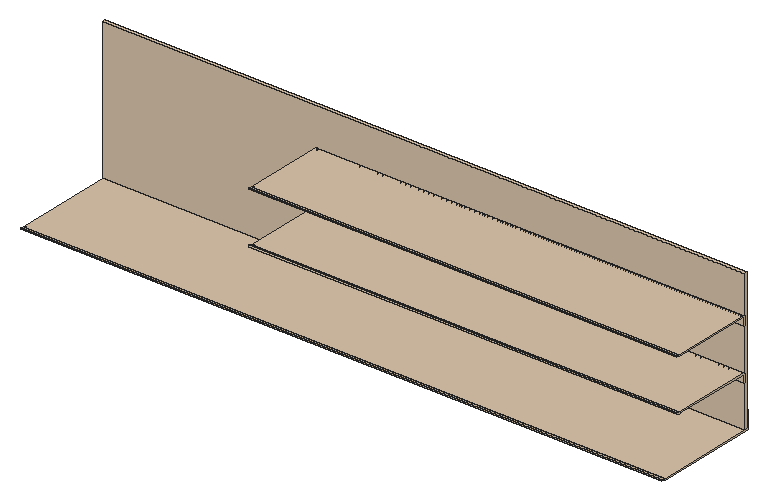
Revit family "Haworth_ActiveComponents_ShelfTileMounted_BUILD", category Furniture Systems, Revit 2015
Parameters (values of type "16h 72w")
  Width = 72"
  Warranty = "http://www.haworth.com/resources/product-info/warranties"
  URL - Product = "http://www.haworth.com/products/workspaces/accessories/active-components"
  URL = "http://www.haworth.com/"
  Type Comments = ""
  Top Shelves Width = Actual Width - Top Shelves Offset  # 48"
  Top Shelves Offset = 24"  # constant formula
  Sustainability Info = "https://www.haworth.com/company-info/sustainability"
  Size = "Verify Final Dim. w/ Haworth"  # constant formula
  Shelf Finish [instance] = Haworth _ Wood _ White Oak
  Revision Number = "1"  # constant formula
  Model = "AZST"  # constant formula
  Min. Width = 48"  # constant formula
  Max. Width = 72"  # constant formula
  Manufacturer = "Haworth"  # constant formula
  Description = "Haworth - Active Components - Shelf Tile Mounted"  # constant formula
  Author = "Haworth (Alias)"  # constant formula
  Assembly Code = "E2020200"
  Actual Width = if(Width < Min. Width, Min. Width, if(Width > Max. Width, Max. Width, Width))  # 72"
  Actual Mounting Height = 23"  # constant formula
  Actual Height = 16"  # constant formula
  Actual Depth = 11"  # constant formula
Types (5): name | Width | Top Shelves Width | Actual Width
  16h 72w | 72" | 48" | 72"
  16h 66w | 66" | 42" | 66"
  16h 60w | 60" | 36" | 60"
  16h 54w | 54" | 30" | 54"
  16h 48w | 48" | 24" | 48"
Reference planes (in)
  plane 1: z = 0
  plane 2 "Center (Left/Right)": x = -64.99791
  plane 3 "Back": y = -42.71591
  plane 4 "Left": x = -100.99791
  plane 5 "Right": x = -28.99791
  plane 6 "Bottom Shelf": z = 23
  plane 7 "Top Shelf": z = 39
  plane 8 "Front": y = -53.71591
  plane 9 "Center FB": y = -48.21591
  plane 10 "Top shelves end": x = -76.99791
Forms (in)
  Sweep 1, solid, material "Haworth _ Wood _ White Oak" <- "Shelf Finish"
    path origin (0, 0, 23) x (0, 1, 0) y (-1, 0, 0)
      loop
        line (-42.71591, 100.99791) -> (-42.71591, 28.99791)
    profile origin (-64.99791, -42.71591, 23) x (0, 1, 0) y (0, 0, 1)
      loop
        line (-10.47546, 0) -> (0.94218, 0)
        arc (0.94218, 0) -> (1.03056, 0.03661) -> (1.06718, 0.125) r 0.125
        line (1.06718, 0.125) -> (1.06718, 1.985) -> (0.96218, 1.985) -> (0.96218, 0.14585)
        arc (0.96218, 0.14585) -> (0.95073, 0.11823) -> (0.92311, 0.10679) r 0.03906
        line (0.92311, 0.10679) -> (-10.46832, 0.10679)
        arc (-10.46832, 0.10679) -> (-10.48463, 0.10786) -> (-10.50067, 0.11105) r 0.125
        line (-10.50067, 0.11105) -> (-10.97282, 0.23756) -> (-11, 0.13614) -> (-10.50781, 0.00426)
        arc (-10.50781, 0.00426) -> (-10.49177, 0.00107) -> (-10.47546, 0) r 0.125
  Extrusion 2, solid, material "Haworth _ Wood _ White Oak" <- "Shelf Finish"
    sketch origin (-64.99791, 0, 0) x (0, -1, 0) y (0, 0, 1)
      loop
        line (42.17874, 38.88) -> (41.80374, 38.88) -> (41.80374, 23.185) -> (42.17874, 23.185) -> (42.17874, 38.88)
    from -36 to 36
  Sweep 3, solid, material "Haworth _ Wood _ White Oak" <- "Shelf Finish"
    path origin (0, 0, 23) x (0, 1, 0) y (-1, 0, 0)
      loop
        line (-42.71591, 76.99791) -> (-42.71591, 28.99791)
    profile origin (-52.99791, -42.71591, 23) x (0, 1, 0) y (0, 0, 1)
      loop
        line (-8.99282, 6.02956) -> (-9.02, 5.92814) -> (-8.52781, 5.79626)
        arc (-8.52781, 5.79626) -> (-8.51177, 5.79307) -> (-8.49546, 5.792) r 0.125
        line (-8.49546, 5.792) -> (0.3846, 5.792)
        arc (0.3846, 5.792) -> (0.4127, 5.78036) -> (0.42434, 5.75226) r 0.03974
        line (0.42434, 5.75226) -> (0.42434, 4.897) -> (0.53718, 4.897) -> (0.53718, 5.77947)
        arc (0.53718, 5.77947) -> (0.50275, 5.86258) -> (0.41964, 5.897) r 0.11753
        line (0.41964, 5.897) -> (-8.48163, 5.897)
        arc (-8.48163, 5.897) -> (-8.49795, 5.89807) -> (-8.51399, 5.90126) r 0.125
        line (-8.51399, 5.90126) -> (-8.99282, 6.02956)
      loop
        line (-8.99282, 11.78956) -> (-9.02, 11.68814) -> (-8.52781, 11.55626)
        arc (-8.52781, 11.55626) -> (-8.51177, 11.55307) -> (-8.49546, 11.552) r 0.125
        line (-8.49546, 11.552) -> (0.3846, 11.552)
        arc (0.3846, 11.552) -> (0.4127, 11.54036) -> (0.42434, 11.51226) r 0.03974
        line (0.42434, 11.51226) -> (0.42434, 10.657) -> (0.53718, 10.657) -> (0.53718, 11.53947)
        arc (0.53718, 11.53947) -> (0.50275, 11.62258) -> (0.41964, 11.657) r 0.11753
        line (0.41964, 11.657) -> (-8.48163, 11.657)
        arc (-8.48163, 11.657) -> (-8.49795, 11.65807) -> (-8.51399, 11.66126) r 0.125
        line (-8.51399, 11.66126) -> (-8.99282, 11.78956)
Lines and regions (in)
  Masking region 1
    outline origin (0, 0, 23) x (0, 1, 0) y (-1, 0, 0)
      loop
        line (-42.17874, 100.99791) -> (-53.71591, 100.99791) -> (-53.71591, 28.99791) -> (-42.17874, 28.99791) -> (-42.17874, 100.99791)
  symbolic lines, detail levels medium+fine
    curve 1: line (-76.99791, -42.17874, 23) -> (-76.99791, -51.70874, 23)
    curve 2: line (-76.99791, -51.70874, 23) -> (-28.99791, -51.70874, 23)
Dimensions and locks (in)
  equal spacing: plane 4 "Left", plane 2 "Center (Left/Right)", plane 5 "Right"
  "Actual Width": plane 4 "Left" to plane 5 "Right"
  equal spacing: plane 3 "Back", plane 9 "Center FB", plane 8 "Front"
  "Actual Depth": plane 8 "Front" to plane 3 "Back"
  "Actual Height": plane 7 "Top Shelf" to plane 6 "Bottom Shelf"
  "Actual Mounting Height": plane 6 "Bottom Shelf" to plane 1
  locked: Extrusion 2 sketch curve to plane 6 "Bottom Shelf" at 0.185
  locked: plane 3 "Back" to Extrusion 2 sketch curve at 0.53718
  locked: plane 3 "Back" to Extrusion 2 sketch curve at 0.91218
  locked: plane 6 "Bottom Shelf" to Extrusion 2 sketch curve at 15.88
  locked: Masking region 1 sketch curve to plane 3 "Back" at 0.53718
  "Top Shelves Width": plane 10 "Top shelves end" to plane 5 "Right"
  aligned and locked: level to plane 1
  aligned and locked: Sweep 1 sketch curve to plane 3 "Back"
  aligned and locked: plane 5 "Right" to Sweep 1 sketch curve
  aligned and locked: plane 4 "Left" to Sweep 1 sketch curve
  aligned and locked: Extrusion 2 to plane 4 "Left"
  aligned and locked: plane 5 "Right" to Extrusion 2
  aligned and locked: Masking region 1 sketch curve to plane 5 "Right"
  aligned and locked: Masking region 1 sketch curve to plane 8 "Front"
  aligned and locked: plane 4 "Left" to Masking region 1 sketch curve
  aligned and locked: Sweep 3 sketch curve to plane 3 "Back"
  aligned and locked: plane 5 "Right" to Sweep 3 sketch curve
  aligned and locked: plane 10 "Top shelves end" to Sweep 3 sketch curve
  aligned and locked: plane 10 "Top shelves end" to Sweep 3
  aligned and locked: curve 2 to Sweep 3
  aligned and locked: curve 1 to plane 10 "Top shelves end"
Automatic sketch dimensions
  Sweep 1 sketch curve to plane 6 "Bottom Shelf" = 0"
  plane 6 "Bottom Shelf" to Sweep 1 sketch curve = 0.13614"
  profile plane to Sweep 1 sketch curve = 11"
  plane 6 "Bottom Shelf" to Sweep 1 sketch curve = 0.23756"
  Sweep 1 sketch curve to Sweep 1 sketch curve = 0.02718"
  plane 6 "Bottom Shelf" to Sweep 1 sketch curve = 0.00426"
  Sweep 1 sketch curve to Sweep 1 sketch curve = 63/128"
  plane 6 "Bottom Shelf" to Sweep 1 sketch curve = 0.11105"
  Sweep 1 sketch curve to Sweep 1 sketch curve = 0.00714"  (x2)
  Sweep 1 sketch curve to Sweep 1 sketch curve = 0.03235"
  plane 6 "Bottom Shelf" to Sweep 1 sketch curve = 0.14585"
  Sweep 1 sketch curve to profile plane = 0.92311"
  Sweep 1 sketch curve to Sweep 1 sketch curve = 0.01906"
  Sweep 1 sketch curve to Sweep 1 sketch curve = 0.02"
  Sweep 1 sketch curve to Sweep 1 sketch curve = 0.105"
  Sweep 1 sketch curve to Sweep 1 sketch curve = 1.83915"
  Sweep 3 sketch curve to Sweep 3 sketch curve = 0"
  Sweep 3 sketch curve to Sweep 3 sketch curve = 0.02718"  (x2)
  Sweep 3 sketch curve to Sweep 3 sketch curve = 63/128"  (x2)
  Sweep 3 sketch curve to Sweep 3 sketch curve = 0.01382"  (x4)
  Sweep 3 sketch curve to Sweep 3 sketch curve = 0.01853"  (x2)
  Sweep 3 sketch curve to profile plane = 0.3846"  (x2)
  Sweep 3 sketch curve to Sweep 3 sketch curve = 0.03504"  (x2)
  Sweep 3 sketch curve to Sweep 3 sketch curve = 0.0047"
  Sweep 3 sketch curve to profile plane = 0.42434"
  Sweep 3 sketch curve to Sweep 3 sketch curve = 0.11283"  (x2)
  plane 6 "Bottom Shelf" to Sweep 3 sketch curve = 4.897"
  Sweep 3 sketch curve to Sweep 3 sketch curve = 0.85526"  (x2)
  Sweep 3 sketch curve to Sweep 3 sketch curve = 0.02721"  (x2)
  Sweep 3 sketch curve to Sweep 3 sketch curve = 0.00426"  (x2)
  Sweep 3 sketch curve to Sweep 3 sketch curve = 0.01574"  (x2)
  Sweep 3 sketch curve to Sweep 3 sketch curve = 0.02688"  (x2)
  Sweep 3 sketch curve to Sweep 3 sketch curve = 0.10142"  (x2)
  Sweep 3 sketch curve to Sweep 3 sketch curve = 4.76"
  profile plane to Sweep 3 sketch curve = 8.48163"
  curve 2 to plane 5 "Right" = 0"
  plane 3 "Back" to curve 1 = 0.53718"
